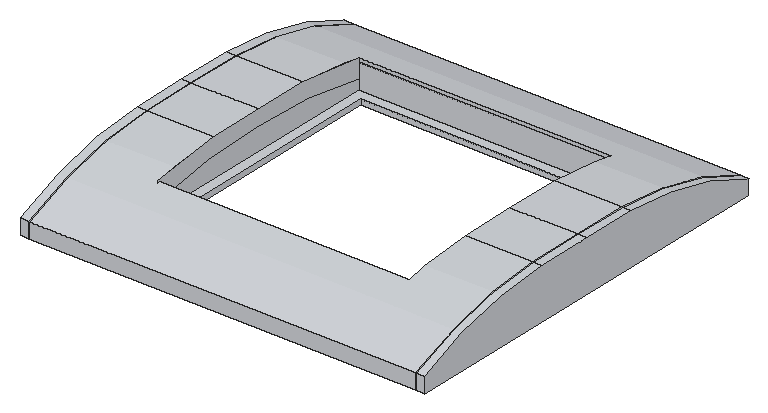
Revit family "Gira_1002736", category Electrical Fixtures, host Face, Revit 2017
Family settings
  Host = Face
  Maintain Annotation Orientation = No
  Round Connector Dimension = Use Diameter
  Part Type = Normal
  Cut with Voids When Loaded = No
  Shared = No
  Room Calculation Point = No
Parameters (values of type "Cov.fr. 2-g w/o cb interm.fr. C Alu Gira Event Clear black")
  With mounting grid = "No"
  With hinged lid = "No"
  URL = "http://katalog.gira.de/en/datenblatt.html?artikelnr=1002736"
  Type of fastening = "Clamp mounting"
  Transparent = "No"
  Surface protection = "Other"
  Surface finishing = "Glossy"
  Suitable for wall duct = "No"
  Suitable for flush-mounted installation = "Yes"
  Suitable for floor box = "No"
  Suitable for built-in installation = "No"
  Number of units vertical = "2"
  Number of units horizontal = "2"
  Number of units = "2"
  Name = "Cov.fr. 2-g w/o cb interm.fr. C Alu Gira Event Clear black"
  Mounting direction = "Horizontal and vertical"
  Material quality = "Thermoplastic"
  Material = "Plastic"
  Manufacturer URL = "https://www.gira.de/"
  Manufacturer = "Gira"
  Label space/information surface = "No"
  Keynote = ""
  HeinzeBIM = "https://bimportal.heinze.de/bim/cov-fr-2-g-w-o-cb-interm-fr-c-alu-gira-event-clear-black/e2ea29f762b489d2ff2074297789ba6be0fc4288"
  Halogen free = "Yes"
  HAN = "1002736"
  GTIN = "4010337070221"
  Description = "Cov.fr.2g w o cb i.fr.CAl EvCl BK,Gira Event Clear cover frame,black with colour aluminium intermediate frame,2-gang without crossbar,Features:,- Shatter-proof."
  Degree of protection (IP) = "IP20"
  Default Elevation = 1219.2 mm
  Data sheet (1) = "https://katalog.gira.de/en/download.html?artikelnr=1002736"
  Colour = "Black"
  Category = "Cover frame for domestic switching devices"
  BIM (1) = "https://media.stage.bim.site/public/gira/36a6b08/Event_Rahmen_2fach o.Mittelsteg.rfa?public/gira/36a6b08/Event_Rahmen_2fach o.Mittelsteg.rfa"
  Available = "No"
Reference planes
  plane 1 "Center (Front/Back)": y = 0
  plane 2: z = 0
  plane 3 "Center (Left/Right)": x = 0
Forms (mm)
  Extrusion 1, solid, detail levels fine
    sketch origin (0, 0, 1.55) x (0, 1, 0) y (0, 0, 1)
      loop
        arc (12.445, 9.683) -> (6.223, 9.833) -> (0, 9.85) r 291.636
        arc (0, 9.85) -> (-6.223, 9.833) -> (-12.445, 9.683) r 291.636
        arc (-12.445, 9.683) -> (-29.14, 7.482) -> (-45, 1.823) r 79.728
        line (-45, 1.823) -> (-45, -1.55) -> (-41.777, -1.55) -> (-41.777, -0.55)
        arc (-41.777, -0.55) -> (-21.205, 4.846) -> (0, 6.467) r 118.15
        arc (0, 6.467) -> (21.205, 4.846) -> (41.777, -0.55) r 118.15
        line (41.777, -0.55) -> (41.777, -1.55) -> (45, -1.55) -> (45, 1.823)
        arc (45, 1.823) -> (29.14, 7.482) -> (12.445, 9.683) r 79.728
    from -43 to 43
  Extrusion 2, void, detail levels fine
    sketch origin (0, 0, 0) x (1, 0, 0) y (0, 1, 0)
      loop
        line (-28, -28) -> (28, -28) -> (28, 28) -> (-28, 28) -> (-28, -28)
    from 2.85 to 12
  Extrusion 3, solid, detail levels coarse
    sketch origin (0, 0, 0) x (1, 0, 0) y (0, 1, 0)
      loop
        line (-45, 45) -> (-45, -45) -> (45, -45) -> (45, 45) -> (-45, 45)
    from 0 to 11.4
  Extrusion 4, solid, detail levels medium
    sketch origin (0, 0, 1.55) x (0, 1, 0) y (0, 0, 1)
      loop
        arc (12.445, 9.683) -> (6.223, 9.833) -> (0, 9.85) r 291.636
        arc (0, 9.85) -> (-6.223, 9.833) -> (-12.445, 9.683) r 291.636
        arc (-12.445, 9.683) -> (-29.14, 7.482) -> (-45, 1.823) r 79.728
        line (-45, 1.823) -> (-45, -1.55) -> (45, -1.55) -> (45, 1.823)
        arc (45, 1.823) -> (29.14, 7.482) -> (12.445, 9.683) r 79.728
    from -45 to 45
  Extrusion 5, solid, detail levels fine
    sketch origin (0, 0, 0) x (0, 1, 0) y (0, 0, 1)
      loop
        arc (45, 3.373) -> (29.14, 9.032) -> (12.445, 11.233) r 79.728
        arc (12.445, 11.233) -> (6.223, 11.383) -> (0, 11.4) r 291.636
        arc (0, 11.4) -> (-6.223, 11.383) -> (-12.445, 11.233) r 291.636
        arc (-12.445, 11.233) -> (-29.14, 9.032) -> (-45, 3.373) r 79.728
        line (-45, 3.373) -> (-45, 0) -> (45, 0) -> (45, 3.373)
    from 43 to 45
  Extrusion 6, solid, detail levels fine
    sketch origin (0, 0, 0) x (0, 1, 0) y (0, 0, -1)
      loop
        line (45, -3.373) -> (45, 0) -> (-45, 0) -> (-45, -3.373)
        arc (-45, -3.373) -> (-29.14, -9.032) -> (-12.445, -11.233) r 79.728
        arc (-12.445, -11.233) -> (-6.223, -11.383) -> (0, -11.4) r 291.636
        arc (0, -11.4) -> (6.223, -11.383) -> (12.445, -11.233) r 291.636
        arc (12.445, -11.233) -> (29.14, -9.032) -> (45, -3.373) r 79.728
    from 43 to 45
  Extrusion 7, solid, detail levels fine
    sketch origin (0, 0, 0) x (1, 0, 0) y (0, 1, 0)
      loop
        line (-25.7, 25.7) -> (-25.7, -25.7) -> (25.7, -25.7) -> (25.7, 25.7) -> (-25.7, 25.7)
      loop
        line (-29.495, 27.895) -> (-29.495, -27.895)
        spline (-29.495, -27.895) -> (-29.486, -28.025) -> (-29.461, -28.154) -> (-29.419, -28.278) -> (-29.361, -28.395) -> (-29.288, -28.504) -> (-29.202, -28.602) -> (-29.104, -28.688) -> (-28.995, -28.761) -> (-28.878, -28.819) -> (-28.754, -28.861) -> (-28.625, -28.886) -> (-28.495, -28.895)
        line (-28.495, -28.895) -> (28.495, -28.895)
        spline (28.495, -28.895) -> (28.625, -28.886) -> (28.754, -28.861) -> (28.878, -28.819) -> (28.995, -28.761) -> (29.104, -28.688) -> (29.202, -28.602) -> (29.288, -28.504) -> (29.361, -28.395) -> (29.419, -28.278) -> (29.461, -28.154) -> (29.486, -28.025) -> (29.495, -27.895)
        line (29.495, -27.895) -> (29.495, 27.895)
        spline (29.495, 27.895) -> (29.486, 28.025) -> (29.461, 28.154) -> (29.419, 28.278) -> (29.361, 28.395) -> (29.288, 28.504) -> (29.202, 28.602) -> (29.104, 28.688) -> (28.995, 28.761) -> (28.878, 28.819) -> (28.754, 28.861) -> (28.625, 28.886) -> (28.495, 28.895)
        line (28.495, 28.895) -> (-28.495, 28.895)
        spline (-28.495, 28.895) -> (-28.625, 28.886) -> (-28.754, 28.861) -> (-28.878, 28.819) -> (-28.995, 28.761) -> (-29.104, 28.688) -> (-29.202, 28.602) -> (-29.288, 28.504) -> (-29.361, 28.395) -> (-29.419, 28.278) -> (-29.461, 28.154) -> (-29.486, 28.025) -> (-29.495, 27.895)
    from 1.673 to 8.5
Cuts and joins
  Extrusion 2 cuts Extrusion 1
  Extrusion 2 cuts Extrusion 7
Dimensions and locks
  aligned and locked: plane 2 to host face
  aligned and locked: level to host face
